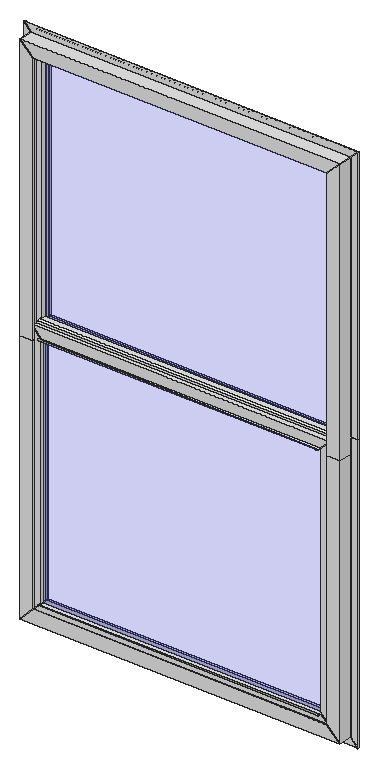
Revit family "591_SH_nailfin", category Windows, host Wall, Revit 2016
Family settings
  Host = Wall
  OmniClass Number = 23.30.20.00
  OmniClass Title = Windows
  Always vertical = Yes
  Cut with Voids When Loaded = No
  Shared = No
  Room Calculation Point = No
Parameters (values of type "48x78")
  MLW = 1 / 8 * Width  # 6"
  Interior Color [instance] = White
  Height = 78"
  Exterior Color [instance] = White
  Default Sill Height = 31.49606"
  Wall Closure = By host
  Width = 48"
Types (51): name | MLW | Interior Color | Height | Exterior Color | Width
  (no name) | 6" | White | 78" | White | 48"
  24x48 | 3" | none | 48" | none | 24"
  36x60 | 4 1/2" | none | 60" | none | 36"
  12x24Min | 1 1/2" | none | 24" | none | 12"
  48x84Max | 6" | none | 84" | none | 48"
  12x30 | 1 1/2" | none | 30" | none | 12"
  12x36 | 1 1/2" | none | 36" | none | 12"
  12x42 | 1 1/2" | none | 42" | none | 12"
  18x24 | 2 1/4" | none | 24" | none | 18"
  18x30 | 2 1/4" | none | 30" | none | 18"
  18x36 | 2 1/4" | none | 36" | none | 18"
  18x42 | 2 1/4" | none | 42" | none | 18"
  18x48 | 2 1/4" | none | 48" | none | 18"
  18x54 | 2 1/4" | none | 54" | none | 18"
  24x30 | 3" | none | 30" | none | 24"
  24x36 | 3" | none | 36" | none | 24"
  24x42 | 3" | none | 42" | none | 24"
  24x54 | 3" | none | 54" | none | 24"
  24x60 | 3" | none | 60" | none | 24"
  24x66 | 3" | none | 66" | none | 24"
  30x30 | 3 3/4" | none | 30" | none | 30"
  30x36 | 3 3/4" | none | 36" | none | 30"
  30x42 | 3 3/4" | none | 42" | none | 30"
  30x48 | 3 3/4" | none | 48" | none | 30"
  30x54 | 3 3/4" | none | 54" | none | 30"
  30x60 | 3 3/4" | none | 60" | none | 30"
  30x66 | 3 3/4" | none | 66" | none | 30"
  30x72 | 3 3/4" | none | 72" | none | 30"
  36x36 | 4 1/2" | none | 36" | none | 36"
  36x42 | 4 1/2" | none | 42" | none | 36"
  36x48 | 4 1/2" | none | 48" | none | 36"
  36x54 | 4 1/2" | none | 54" | none | 36"
  36x66 | 4 1/2" | none | 66" | none | 36"
  36x72 | 4 1/2" | none | 72" | none | 36"
  36x78 | 4 1/2" | none | 78" | none | 36"
  42x36 | 5 1/4" | none | 36" | none | 42"
  42x42 | 5 1/4" | none | 42" | none | 42"
  42x48 | 5 1/4" | none | 48" | none | 42"
  42x54 | 5 1/4" | none | 54" | none | 42"
  42x60 | 5 1/4" | none | 60" | none | 42"
  42x66 | 5 1/4" | none | 66" | none | 42"
  42x72 | 5 1/4" | none | 72" | none | 42"
  42x78 | 5 1/4" | none | 78" | none | 42"
  42x84 | 5 1/4" | none | 84" | none | 42"
  48x42 | 6" | none | 42" | none | 48"
  48x48 | 6" | none | 48" | none | 48"
  48x54 | 6" | none | 54" | none | 48"
  48x60 | 6" | none | 60" | none | 48"
  48x66 | 6" | none | 66" | none | 48"
  48x72 | 6" | none | 72" | none | 48"
  48x78 | 6" | White | 78" | White | 48"
Reference planes (in)
  plane 1 "Center (Front/Back)": y = 0
  plane 2 "Center (Left/Right)": x = 0
  plane 3 "Left": x = -24
  plane 4 "Right": x = 24
  plane 5 "Sill": z = 31.49606
  plane 6 "Head": z = 109.49606
  plane 7 "Exterior": y = 3.93701
  plane 8 "Interior": y = -3.93701
  plane 9 "Front of wall": y = 3.93701
  plane 10 "Bar Set": z = 70.49606
  plane 11: z = 34.01956
  plane 12: z = 70.54806
  plane 13: z = 71.04731
  plane 14: z = 108.09581
  plane 15: x = -21.475
  plane 16: x = 21.475
  plane 17: x = 22.59975
  plane 18: x = -22.59975
  plane 19 "Front of glass": y = 4.93351
Forms (in)
  Extrusion 1, solid, material "White" <- "Interior Color"
    sketch origin (0, 0, 0) x (0, -1, 0) y (0, 0, 1)
      loop
        arc (-1.70156, 34.45056) -> (-1.59274, 34.41661) -> (-1.63951, 34.52056) r 0.0625
        line (-1.63951, 34.52056) -> (-2.31951, 34.52056) -> (-2.31951, 34.01956) -> (-3.06351, 34.01956) -> (-3.06351, 34.48382) -> (-3.10301, 34.45856) -> (-3.46691, 34.45856) -> (-3.46691, 33.93302) -> (-3.47701, 33.89474) -> (-3.47701, 33.39606) -> (-4.12701, 33.39606) -> (-4.12701, 32.64606) -> (-4.62701, 32.64606) -> (-4.62701, 32.77106) -> (-5.37701, 32.77106) -> (-5.37701, 31.47606) -> (-5.25201, 31.47606) -> (-5.25201, 31.51606) -> (-5.06701, 31.51606) -> (-5.03872, 31.49606) -> (-4.00201, 31.49606) -> (-4.00201, 30.37106) -> (-3.93701, 30.37106) -> (-3.93701, 31.49606) -> (-1.87701, 31.49606) -> (-1.87701, 33.39606) -> (-2.07701, 33.39606) -> (-2.07701, 34.45056) -> (-1.70156, 34.45056)
    from -25.125 to 25.125
  Extrusion 2, solid, material "White" <- "Interior Color"
    sketch origin (0, 0, 0) x (0, -1, 0) y (0, 0, 1)
      loop
        line (-2.74608, 71.82819) -> (-3.19899, 71.91533) -> (-4.09422, 71.91533) -> (-4.10697, 71.5505) -> (-4.18951, 71.54831) -> (-4.18951, 71.04731) -> (-4.93351, 71.04731) -> (-4.93351, 71.51157) -> (-4.97301, 71.48631) -> (-5.33691, 71.48631) -> (-5.33691, 70.95404) -> (-5.34701, 70.92306) -> (-5.34701, 69.92306) -> (-4.72701, 69.92306) -> (-4.72701, 69.50806) -> (-4.62701, 69.50806) -> (-4.62701, 69.92306) -> (-4.12701, 69.92306) -> (-4.12701, 69.50806) -> (-4.02701, 69.50806) -> (-4.02701, 69.92306) -> (-3.57701, 69.92306) -> (-3.57701, 70.11006) -> (-3.10301, 70.11006) -> (-3.06351, 70.08481) -> (-3.06351, 70.54806) -> (-2.31951, 70.54806) -> (-2.31951, 70.04821) -> (-1.63948, 70.04821)
        arc (-1.63948, 70.04821) -> (-1.59245, 70.15224) -> (-1.70161, 70.11881) r 0.06264
        line (-1.70161, 70.11881) -> (-2.07701, 70.11881) -> (-2.07701, 71.54881) -> (-2.73304, 71.54881) -> (-2.74608, 71.82819)
    from -25.125 to 25.125
  Extrusion 3, solid, material "White" <- "Interior Color"
    sketch origin (0, 0, 0) x (0, -1, 0) y (0, 0, 1)
      loop
        line (-4.93351, 108.09581) -> (-4.18951, 108.09581) -> (-4.18951, 107.59581) -> (-3.57701, 107.59581) -> (-3.57701, 108.47106) -> (-2.04701, 108.47106) -> (-2.04701, 107.59606) -> (-1.87701, 107.59606) -> (-1.87701, 109.49606) -> (-3.93701, 109.49606) -> (-3.93701, 110.62106) -> (-4.00201, 110.62106) -> (-4.00201, 109.49606) -> (-5.03872, 109.49606) -> (-5.06701, 109.47606) -> (-5.25201, 109.47606) -> (-5.25201, 109.51606) -> (-5.37701, 109.51606) -> (-5.37701, 108.22106) -> (-5.33691, 108.22106) -> (-5.33691, 107.65781) -> (-4.97301, 107.65781) -> (-4.93351, 107.63256) -> (-4.93351, 108.09581)
    from -25.125 to 25.125
  Extrusion 4, solid, material "White" <- "Interior Color"
    sketch origin (0, 0, 31.49606) x (0, -1, 0) y (1, 0, 0)
      loop
        line (-1.87701, -22.1) -> (-2.07701, -22.1) -> (-2.07701, -20.975) -> (-2.31951, -20.975) -> (-2.31951, -21.475) -> (-3.06351, -21.475) -> (-3.06351, -21.01174) -> (-3.10301, -21.037) -> (-3.46691, -21.037) -> (-3.46691, -21.56233) -> (-3.47701, -21.6) -> (-3.47701, -22.1) -> (-4.12701, -22.1) -> (-4.12701, -22.85) -> (-4.62701, -22.85) -> (-4.62701, -22.725) -> (-5.37701, -22.725) -> (-5.37701, -24.02) -> (-5.25287, -24.02) -> (-5.25287, -23.98) -> (-5.06701, -23.98) -> (-5.03872, -24) -> (-4.00201, -24) -> (-4.00201, -25.125) -> (-3.93701, -25.125) -> (-3.93701, -24) -> (-1.87701, -24) -> (-1.87701, -22.1)
    from -1.125 to 40.41927
  Extrusion 5, solid, material "White" <- "Interior Color"
    sketch origin (0, 0, 31.49606) x (0, -1, 0) y (1, 0, 0)
      loop
        line (-3.10301, 21.037) -> (-3.06351, 21.01174) -> (-3.06351, 21.475) -> (-2.31951, 21.475) -> (-2.31951, 20.975) -> (-2.07701, 20.975) -> (-2.07701, 22.1) -> (-1.87701, 22.1) -> (-1.87701, 24) -> (-3.93701, 24) -> (-3.93701, 25.125) -> (-4.00201, 25.125) -> (-4.00201, 24) -> (-5.03872, 24) -> (-5.06701, 23.98) -> (-5.25201, 23.98) -> (-5.25201, 24.02) -> (-5.37701, 24.02) -> (-5.37701, 22.725) -> (-4.62701, 22.725) -> (-4.62701, 22.85) -> (-4.12701, 22.85) -> (-4.12701, 22.1) -> (-3.47701, 22.1) -> (-3.47701, 21.6) -> (-3.46691, 21.56233) -> (-3.46691, 21.037) -> (-3.10301, 21.037)
    from -1.125 to 40.41927
  Extrusion 6, solid, material "White" <- "Interior Color"
    sketch origin (0, 0, 70.49606) x (1, 0, 0) y (0, 1, 0)
      loop
        line (22.13649, 4.93351) -> (22.59975, 4.93351) -> (22.59975, 4.18951) -> (22.09975, 4.18951) -> (22.09975, 3.57701) -> (22.975, 3.57701) -> (22.975, 2.04701) -> (22.1, 2.04701) -> (22.1, 1.87701) -> (24, 1.87701) -> (24, 3.93701) -> (25.125, 3.93701) -> (25.125, 4.00201) -> (24, 4.00201) -> (24, 5.03872) -> (23.98, 5.06701) -> (23.98, 5.25201) -> (24.02, 5.25201) -> (24.02, 5.37701) -> (22.725, 5.37701) -> (22.725, 5.33691) -> (22.16175, 5.33691) -> (22.16175, 4.97301) -> (22.13649, 4.93351)
    from -0.988 to 40.125
  Sweep 7, void
    path in 3D
      loop
        line (21.72325, 7.92866, 109.49606) -> (21.72325, 3.93701, 109.49606)
    profile origin (21.72325, 5.93283, 109.49606) x (1, 0, 0) y (0, 0, 1)
      loop
        line (3.90911, 1.63236) -> (-0.84089, -3.11764) -> (3.90911, -3.11764) -> (3.90911, 1.63236)
  Sweep 8, void
    path in 3D
      loop
        line (21.72325, 7.92866, 109.49606) -> (21.72325, 3.93701, 109.49606)
    profile origin (21.72325, 5.93283, 109.49606) x (1, 0, 0) y (0, 0, 1)
      loop
        line (4.23234, 1.95558) -> (-1.01766, 1.95558) -> (-1.01766, -3.29442) -> (4.23234, 1.95558)
  Sweep 9, void
    path in 3D
      loop
        line (-20.67104, 7.27573, 109.49606) -> (-20.67104, 3.93701, 109.49606)
    profile origin (-20.67104, 5.60637, 109.49606) x (1, 0, 0) y (0, 0, 1)
      loop
        line (-5.25, 1.92104) -> (-5.25, -3.32896) -> (0, -3.32896) -> (-5.25, 1.92104)
  Sweep 10, void
    path in 3D
      loop
        line (-20.67104, 7.27573, 109.49606) -> (-20.67104, 3.93701, 109.49606)
    profile origin (-20.67104, 5.60637, 109.49606) x (1, 0, 0) y (0, 0, 1)
      loop
        line (-5.25, 1.92104) -> (0, -3.32896) -> (0, 1.92104) -> (-5.25, 1.92104)
  Sweep 11, void
    path in 3D
      loop
        line (-19.69408, 7.1493, 70.49606) -> (-19.69408, 3.93701, 70.49606)
    profile origin (-19.69408, 5.54315, 70.49606) x (1, 0, 0) y (0, 0, 1)
      loop
        line (-2.46767, 0.9905) -> (-2.46767, 1.41927) -> (-6.03092, 1.41927) -> (-6.03092, -1.20541) -> (-3.03092, -1.20541) -> (-3.03092, 0.42725) -> (-2.46767, 0.9905)
  Sweep 12, void
    path in 3D
      loop
        line (-19.69408, 7.1493, 70.49606) -> (-19.69408, 3.93701, 70.49606)
    profile origin (-19.69408, 5.54315, 70.49606) x (1, 0, 0) y (0, 0, 1)
      loop
        line (-1.90592, 1.55225) -> (-3.03092, 0.42725) -> (-3.03092, 1.41927) -> (-6.28092, 1.41927) -> (-6.28092, -2.07275) -> (-1.90592, -2.07275) -> (-1.90592, 1.55225)
  Sweep 13, void
    path in 3D
      loop
        line (22.22528, 7.9895, 70.49606) -> (22.22528, 3.93701, 70.49606)
    profile origin (22.22528, 5.96325, 70.49606) x (1, 0, 0) y (0, 0, 1)
      loop
        line (-0.06353, 1.66328) -> (-0.06353, 0.99243) -> (0.49972, 0.42918) -> (0.49972, -1.25473) -> (3.13381, -1.25473) -> (3.13381, 1.66328) -> (-0.06353, 1.66328)
  Sweep 14, void
    path in 3D
      loop
        line (22.22528, 7.9895, 70.49606) -> (22.22528, 3.93701, 70.49606)
    profile origin (22.22528, 5.96325, 70.49606) x (1, 0, 0) y (0, 0, 1)
      loop
        line (-0.66296, 0.99025) -> (-0.66296, -1.41064) -> (3.12332, -1.41064) -> (3.12332, 1.4207) -> (0.49972, 1.4207) -> (0.49972, 0.427) -> (-0.06353, 0.99025) -> (-0.66296, 0.99025)
  Sweep 15, void
    path in 3D
      loop
        line (21.97528, 7.9895, 31.49606) -> (21.97528, 3.93701, 31.49606)
    profile origin (21.97528, 5.96325, 31.49606) x (1, 0, 0) y (0, 0, 1)
      loop
        line (-1.08841, 3.11263) -> (3.66159, -1.63737) -> (3.66159, 3.11263) -> (-1.08841, 3.11263)
  Sweep 16, void
    path in 3D
      loop
        line (21.97528, 7.9895, 31.49606) -> (21.97528, 3.93701, 31.49606)
    profile origin (21.97528, 5.96325, 31.49606) x (1, 0, 0) y (0, 0, 1)
      loop
        line (3.6656, -1.64088) -> (-1.3344, 3.35912) -> (-1.3344, -1.64088) -> (3.6656, -1.64088)
  Sweep 17, void
    path in 3D
      loop
        line (-20.17104, 7.27573, 31.49606) -> (-20.17104, 3.93701, 31.49606)
    profile origin (-20.17104, 5.60637, 31.49606) x (1, 0, 0) y (0, 0, 1)
      loop
        line (-5.98731, -2.15835) -> (0.26269, -2.15835) -> (0.26269, 4.09165) -> (-5.98731, -2.15835)
  Sweep 18, void
    path in 3D
      loop
        line (-20.17104, 7.27573, 31.49606) -> (-20.17104, 3.93701, 31.49606)
    profile origin (-20.17104, 5.60637, 31.49606) x (1, 0, 0) y (0, 0, 1)
      loop
        line (-5.5, -1.67104) -> (0, 3.82896) -> (-5.5, 3.82896) -> (-5.5, -1.67104)
  Extrusion 19, void
    sketch origin (0, 3.93701, 0) x (1, 0, 0) y (0, 0, 1)
      loop
        line (-21.07462, 106.57069) -> (-25.49016, 110.98622) -> (-25.49016, 106.57069) -> (-21.07462, 106.57069)
    from 0 to 12
  Extrusion 20, void
    sketch origin (0, 3.93701, 0) x (1, 0, 0) y (0, 0, 1)
      loop
        line (-26, 111.49606) -> (-21.07122, 106.56728) -> (-21.07122, 111.49606) -> (-26, 111.49606)
    from 0 to 12
  Extrusion 21, void
    sketch origin (0, 3.93701, 0) x (1, 0, 0) y (0, 0, 1)
      loop
        line (21.8981, 107.39416) -> (26.25, 111.74606) -> (21.8981, 111.74606) -> (21.8981, 107.39416)
    from 0 to 12
  Extrusion 22, void
    sketch origin (0, 3.93701, 0) x (1, 0, 0) y (0, 0, 1)
      loop
        line (26.25984, 111.75591) -> (21.52513, 107.02119) -> (26.25984, 107.02119) -> (26.25984, 111.75591)
    from 0 to 12
  Extrusion 23, void
    sketch origin (0, 3.93701, 0) x (1, 0, 0) y (0, 0, 1)
      loop
        line (-20.975, 70.04806) -> (-20.23692, 70.04806) -> (-20.23692, 72.38306) -> (-24.24833, 72.38306) -> (-24.24833, 69.50806) -> (-22.09975, 69.50806) -> (-22.09975, 71.17281) -> (-20.975, 70.04806)
    from 0 to 12
  Extrusion 24, void
    sketch origin (0, 3.93701, 0) x (1, 0, 0) y (0, 0, 1)
      loop
        line (-20.975, 69.41533) -> (-20.975, 70.04806) -> (-22.1, 71.17306) -> (-22.1, 71.91533) -> (-25.725, 71.91533) -> (-25.725, 69.41533) -> (-20.975, 69.41533)
    from 0 to 12
  Extrusion 25, void
    sketch origin (0, 3.93701, 0) x (1, 0, 0) y (0, 0, 1)
      loop
        line (20.73831, 69.81137) -> (22.1, 71.17306) -> (22.1, 69.50806) -> (24.21329, 69.50806) -> (24.21329, 72.10655) -> (20.73831, 72.10655) -> (20.73831, 69.81137)
    from 0 to 12
  Extrusion 26, void
    sketch origin (0, 3.93701, 0) x (1, 0, 0) y (0, 0, 1)
      loop
        line (20.975, 70.04806) -> (20.975, 69.10217) -> (25.77957, 69.10217) -> (25.77957, 72.35217) -> (22.1, 72.35217) -> (22.1, 71.17306) -> (20.975, 70.04806)
    from 0 to 12
  Extrusion 27, void
    sketch origin (0, 3.93701, 0) x (1, 0, 0) y (0, 0, 1)
      loop
        line (-26, 29.49606) -> (-20.01805, 35.47801) -> (-26, 35.47801) -> (-26, 29.49606)
    from 0 to 12
  Extrusion 28, void
    sketch origin (0, 3.93701, 0) x (1, 0, 0) y (0, 0, 1)
      loop
        line (-26, 29.49606) -> (-20.17104, 29.49606) -> (-20.17104, 35.32503) -> (-26, 29.49606)
    from 0 to 12
  Extrusion 29, void
    sketch origin (0, 3.93701, 0) x (1, 0, 0) y (0, 0, 1)
      loop
        line (26.25, 29.24606) -> (26.25, 35.20837) -> (20.28769, 35.20837) -> (26.25, 29.24606)
    from 0 to 12
  Extrusion 30, void
    sketch origin (0, 3.93701, 0) x (1, 0, 0) y (0, 0, 1)
      loop
        line (26.7495, 28.74606) -> (20.46397, 35.0316) -> (20.46397, 28.74606) -> (26.7495, 28.74606)
    from 0 to 12
  Extrusion 31, solid, material "White" <- "Interior Color"
    sketch origin (0, 0, 70.49606) x (1, 0, 0) y (0, 1, 0)
      loop
        line (-24, 1.87701) -> (-22.1, 1.87701) -> (-22.1, 2.04701) -> (-22.975, 2.04701) -> (-22.975, 3.57701) -> (-22.09975, 3.57701) -> (-22.09975, 4.18951) -> (-22.59975, 4.18951) -> (-22.59975, 4.93351) -> (-22.13649, 4.93351) -> (-22.16175, 4.97301) -> (-22.16175, 5.33691) -> (-22.725, 5.33691) -> (-22.725, 5.37701) -> (-24.02, 5.37701) -> (-24.02, 5.25201) -> (-23.98, 5.25201) -> (-23.98, 5.06701) -> (-24, 5.03872) -> (-24, 4.00201) -> (-25.125, 4.00201) -> (-25.125, 3.93701) -> (-24, 3.93701) -> (-24, 1.87701)
    from -0.988 to 40.125
  Extrusion 32, solid, material "Glass"
    sketch origin (0, 0, 0) x (0, -1, 0) y (0, 0, 1)
      loop
        line (-3.06351, 34.01956) -> (-2.31951, 34.01956) -> (-2.31951, 70.54806) -> (-3.06351, 70.54806) -> (-3.06351, 34.01956)
    from -21.475 to 21.475
  Extrusion 33, solid, material "Glass"
    sketch origin (0, 0, 0) x (0, -1, 0) y (0, 0, 1)
      loop
        line (-4.93351, 71.04731) -> (-4.18951, 71.04731) -> (-4.18951, 108.09581) -> (-4.93351, 108.09581) -> (-4.93351, 71.04731)
    from -22.59975 to 22.59975
Cuts and joins
  Sweep 7, Sweep 9, Extrusion 19, Extrusion 22 cuts Extrusion 3
  Sweep 8, Sweep 14, Extrusion 21 cuts Extrusion 6
  Sweep 11, Sweep 13, Extrusion 24, Extrusion 26 cuts Extrusion 2
  Sweep 15, Sweep 18, Extrusion 27, Extrusion 29 cuts Extrusion 1
  Sweep 16, Extrusion 25, Extrusion 30 cuts Extrusion 5
  Sweep 17, Extrusion 23, Extrusion 28 cuts Extrusion 4
  Sweep 10, Sweep 12, Extrusion 20 cuts Extrusion 31
Lines and regions (in)
  Opening 1
    outline origin (137.79528, -3.93701, 0) x (1, 0, 0) y (0, 0, 1)
      loop
        line (-113.79528, 31.49606) -> (-113.79528, 109.49606) -> (-161.79528, 109.49606) -> (-161.79528, 31.49606) -> (-113.79528, 31.49606)
  reference lines
    curve 1: line (-20.67104, 7.27573, 109.49606) -> (-20.67104, 3.93701, 109.49606)
    curve 2: line (-20.17104, 7.27573, 31.49606) -> (-20.17104, 3.93701, 31.49606)
    curve 3: line (-19.69408, 7.1493, 70.49606) -> (-19.69408, 3.93701, 70.49606)
    curve 4: line (21.97528, 7.9895, 31.49606) -> (21.97528, 3.93701, 31.49606)
    curve 5: line (22.22528, 7.9895, 70.49606) -> (22.22528, 3.93701, 70.49606)
    curve 6: line (21.72325, 7.92866, 109.49606) -> (21.72325, 3.93701, 109.49606)
    curve 22: line (2.5, 4.93351, 92.49606) -> (-2.5, 4.93351, 92.49606)
    curve 23: line (2.5, 4.93351, 87.49606) -> (2.5, 4.93351, 92.49606)
    curve 24: line (-2.5, 4.93351, 87.49606) -> (2.5, 4.93351, 87.49606)
    curve 25: line (-2.5, 4.93351, 92.49606) -> (-2.5, 4.93351, 87.49606)
    curve 29: line (0, 4.93351, 87.49606) -> (0, 4.93351, 93.99606)
    curve 30: line (2.5, 4.93351, 89.99606) -> (2.04973, 4.93351, 89.99606)
    curve 34: line (2.5, 0, 92.49606) -> (-2.5, 0, 92.49606)
    curve 35: line (2.5, 0, 87.49606) -> (2.5, 0, 92.49606)
    curve 36: line (-2.5, 0, 87.49606) -> (2.5, 0, 87.49606)
    curve 37: line (-2.5, 0, 92.49606) -> (-2.5, 0, 87.49606)
    curve 38: line (0, 0, 87.49606) -> (0, 0, 94.99606)
    curve 39: line (2.5, 0, 89.99606) -> (-4.5, 0, 89.99606)
  sketch lines
    curve 7: line (21.72325, 7.92866, 109.49606) -> (21.72325, 3.93701, 109.49606)
    curve 8: line (21.72325, 7.92866, 109.49606) -> (21.72325, 3.93701, 109.49606)
    curve 9: line (-20.67104, 7.27573, 109.49606) -> (-20.67104, 3.93701, 109.49606)
    curve 10: line (-20.67104, 7.27573, 109.49606) -> (-20.67104, 3.93701, 109.49606)
    curve 11: line (-19.69408, 7.1493, 70.49606) -> (-19.69408, 3.93701, 70.49606)
    curve 12: line (-19.69408, 7.1493, 70.49606) -> (-19.69408, 3.93701, 70.49606)
    curve 13: line (22.22528, 7.9895, 70.49606) -> (22.22528, 3.93701, 70.49606)
    curve 14: line (22.22528, 7.9895, 70.49606) -> (22.22528, 3.93701, 70.49606)
    curve 15: line (21.97528, 7.9895, 31.49606) -> (21.97528, 3.93701, 31.49606)
    curve 16: line (21.97528, 7.9895, 31.49606) -> (21.97528, 3.93701, 31.49606)
    curve 17: line (-20.17104, 7.27573, 31.49606) -> (-20.17104, 3.93701, 31.49606)
    curve 18: line (-20.17104, 7.27573, 31.49606) -> (-20.17104, 3.93701, 31.49606)
  model lines
    curve 19: line (0, 3.93701, 34.7816) -> (0, 3.93701, 68.5316)
    curve 20: line (0, 3.93701, 68.5316) -> (4.24264, 3.93701, 64.28896)
    curve 21: line (0, 3.93701, 68.5316) -> (-4.24264, 3.93701, 64.28896)
    curve 26: line (2.5, 4.93351, 92.49606) -> (-2.5, 4.93351, 87.49606)
    curve 27: line (-2.5, 4.93351, 89.99606) -> (0, 4.93351, 92.49606)
    curve 28: line (0, 4.93351, 87.49606) -> (2.5, 4.93351, 89.99606)
  symbolic lines
    curve 31: line (0, 3.93701, 68.5316) -> (4.24264, 3.93701, 64.28896)
    curve 32: line (0, 3.93701, 68.5316) -> (-4.24264, 3.93701, 64.28896)
    curve 33: line (0, 3.93701, 68.5316) -> (0, 3.93701, 34.7816)
    curve 40: line (0, 0, 87.49606) -> (2.5, 0, 89.99606)
    curve 41: line (0, 0, 92.49606) -> (-2.5, 0, 89.99606)
    curve 42: line (-2.5, 0, 87.49606) -> (2.5, 0, 92.49606)
Text (in)
  text "EXTERIOR" at (-77.29147, 52.45485, 0), in view "Ref. Level"
  text "INTERIOR" at (-78.01048, -32.21994, 0), in view "Ref. Level"
  text "Exterior" at (0, 36.36817, 115.8778), in view "Right"
  text "Exterior" at (0, 40.96394, 105.72475), in view "Left"
Dimensions and locks (in)
  equal spacing: plane 3 "Left", plane 2 "Center (Left/Right)", plane 4 "Right"
  "Width": plane 3 "Left" to plane 4 "Right"
  "Height": plane 5 "Sill" to plane 6 "Head"
  "Default Sill Height": plane 5 "Sill" to level
  locked: plane 7 "Exterior" to host wall at 0
  locked: plane 8 "Interior" to host wall
  equal spacing: plane 5 "Sill", plane 10 "Bar Set", plane 6 "Head"
  locked: plane 9 "Front of wall" to Extrusion 1 sketch curve at 2.06
  locked: Extrusion 1 sketch curve to Extrusion 1 sketch curve at 1.9
  locked: Extrusion 1 sketch curve to plane 5 "Sill" at 1.125
  locked: plane 5 "Sill" to plane 11 at 2.5235
  locked: plane 12 to plane 10 "Bar Set" at 0.052
  locked: plane 13 to plane 10 "Bar Set" at 0.55125
  locked: plane 9 "Front of wall" to Extrusion 2 sketch curve at 1.86
  locked: Extrusion 2 sketch curve to Extrusion 2 sketch curve at 1.43
  locked: plane 14 to plane 6 "Head" at 1.40025
  locked: plane 9 "Front of wall" to Extrusion 3 sketch curve at 2.06
  locked: Extrusion 3 sketch curve to Extrusion 3 sketch curve at 1.9
  locked: plane 6 "Head" to Extrusion 3 sketch curve at 1.125
  locked: plane 3 "Left" to plane 15 at 2.525
  locked: plane 16 to plane 4 "Right" at 2.525
  locked: Extrusion 4 sketch curve to plane 3 "Left" at 1.125
  locked: Extrusion 4 sketch curve to plane 9 "Front of wall" at 2.06
  locked: Extrusion 4 sketch curve to Extrusion 4 sketch curve at 1.9
  locked: Extrusion 5 sketch curve to plane 9 "Front of wall" at 2.06
  locked: plane 4 "Right" to Extrusion 5 sketch curve at 1.125
  locked: Extrusion 5 sketch curve to Extrusion 5 sketch curve at 1.9
  locked: Extrusion 5 to plane 10 "Bar Set" at 1.41927
  locked: plane 17 to plane 4 "Right" at 1.40025
  locked: Extrusion 5 to plane 9 "Front of wall" at 2.06
  locked: Extrusion 6 sketch curve to Extrusion 6 sketch curve at 1.9
  locked: plane 4 "Right" to Extrusion 5 at 1.125
  locked: plane 3 "Left" to plane 18 at 1.40025
  locked: Extrusion 4 to plane 9 "Front of wall" at 2.06
  locked: Extrusion 4 to plane 3 "Left" at 1.125
  locked: plane 4 "Right" to Extrusion 6 sketch curve at 1.125
  locked: Extrusion 31 sketch curve to plane 3 "Left" at 1.125
  locked: plane 9 "Front of wall" to Extrusion 31 sketch curve at 2.06
  locked: Extrusion 31 sketch curve to Extrusion 31 sketch curve at 1.9
  locked: Extrusion 31 sketch curve to Extrusion 31 sketch curve at 1.125
  locked: plane 5 "Sill" to curve 19 at 3.28553
  locked: curve 21 to plane 10 "Bar Set" at 1.96447
  locked: plane 19 "Front of glass" to plane 9 "Front of wall" at 0.9965
  "MLW": curve 21 to curve 21
  "MLW": curve 20 to curve 21
  equal spacing: curve 27, curve 26, curve 28
  locked: curve 23 to curve 25 at 5
  locked: curve 24 to curve 22 at 5
  equal spacing: curve 25, curve 29, curve 23
  equal spacing: curve 24, curve 30, curve 22
  equal spacing: plane 10 "Bar Set", curve 30, plane 6 "Head"
  equal spacing: plane 3 "Left", curve 29, plane 4 "Right"
  locked: curve 35 to curve 37 at 5
  locked: curve 36 to curve 34 at 5
  equal spacing: curve 37, curve 38, curve 35
  equal spacing: curve 36, curve 39, curve 34
  locked: curve 37 to curve 41 at 2.5
  locked: curve 37 to curve 40 at 2.5
  locked: curve 40 to curve 36 at 2.5
  locked: curve 41 to curve 36 at 2.5
  locked: curve 35 to curve 42 at 5
  equal spacing: plane 6 "Head", curve 39, plane 10 "Bar Set"
  equal spacing: plane 3 "Left", curve 38, plane 4 "Right"
  locked: curve 19 to curve 21 (angle 45.00°)
  locked: curve 20 to curve 19 (angle 45.00°)
  aligned and locked: plane 9 "Front of wall" to host wall
  aligned and locked: plane 9 "Front of wall" to Extrusion 1 sketch curve
  aligned and locked: plane 5 "Sill" to Extrusion 1 sketch curve  (x2)
  aligned and locked: Extrusion 1 sketch curve to plane 11
  aligned and locked: Extrusion 2 sketch curve to plane 13
  aligned and locked: plane 12 to Extrusion 2 sketch curve
  aligned and locked: plane 14 to Extrusion 3 sketch curve
  aligned and locked: Extrusion 3 sketch curve to plane 6 "Head"  (x2)
  aligned and locked: plane 9 "Front of wall" to Extrusion 3 sketch curve
  aligned and locked: plane 9 "Front of wall" to Extrusion 4 sketch curve
  aligned and locked: plane 3 "Left" to Extrusion 4 sketch curve  (x2)
  aligned and locked: plane 9 "Front of wall" to Extrusion 5 sketch curve
  aligned and locked: Extrusion 5 sketch curve to plane 4 "Right"  (x2)
  aligned and locked: plane 16 to Extrusion 5 sketch curve
  aligned and locked: Extrusion 5 to Extrusion 1  (x2)
  aligned and locked: Extrusion 1 to Extrusion 4  (x2)
  aligned and locked: Extrusion 4 to Extrusion 3
  aligned and locked: Extrusion 3 to Extrusion 5
  aligned and locked: Extrusion 2 to Extrusion 4
  aligned and locked: Extrusion 2 to Extrusion 5
  aligned and locked: plane 9 "Front of wall" to Extrusion 6 sketch curve
  aligned and locked: Extrusion 6 sketch curve to plane 4 "Right"  (x2)
  aligned and locked: plane 17 to Extrusion 6 sketch curve
  aligned and locked: Extrusion 2 to Extrusion 6
  aligned and locked: Extrusion 3 to Extrusion 6
  aligned and locked: plane 9 "Front of wall" to curve 5
  aligned and locked: plane 9 "Front of wall" to curve 4
  aligned and locked: plane 9 "Front of wall" to curve 6
  aligned and locked: plane 9 "Front of wall" to curve 1
  aligned and locked: plane 9 "Front of wall" to curve 2
  aligned and locked: plane 9 "Front of wall" to curve 3
  aligned and locked: cut or joined group of Extrusion 6, Sweep 8, Sweep 14, Extrusion 21 to cut or joined group of Extrusion 2, Sweep 11, Sweep 13, Extrusion 24, Extrusion 26
  aligned and locked: cut or joined group of Extrusion 4, Sweep 17, Extrusion 23, Extrusion 28 to cut or joined group of Extrusion 2, Sweep 11, Sweep 13, Extrusion 24, Extrusion 26
  aligned and locked: Extrusion 31 sketch curve to plane 3 "Left"  (x2)
  aligned and locked: Extrusion 31 sketch curve to plane 9 "Front of wall"
  aligned and locked: plane 18 to Extrusion 31 sketch curve
  aligned and locked: Extrusion 31 to cut or joined group of Extrusion 3, Sweep 7, Sweep 9, Extrusion 19, Extrusion 22
  aligned and locked: cut or joined group of Extrusion 2, Sweep 11, Sweep 13, Extrusion 24, Extrusion 26 to Extrusion 31
  aligned and locked: plane 11 to Extrusion 32 sketch curve
  aligned and locked: Extrusion 32 sketch curve to plane 12
  aligned and locked: plane 13 to Extrusion 33 sketch curve
  aligned and locked: Extrusion 33 sketch curve to plane 14
  aligned and locked: plane 18 to Extrusion 33
  aligned and locked: Extrusion 33 to plane 17
  aligned and locked: plane 15 to Extrusion 32
  aligned and locked: Extrusion 32 to plane 16
  aligned and locked: curve 22 to curve 25
  aligned and locked: curve 25 to curve 25
  aligned and locked: curve 23 to curve 23
  aligned and locked: curve 25 to curve 26
  aligned and locked: curve 26 to curve 22
  aligned and locked: curve 22 to curve 27
  aligned and locked: curve 25 to curve 27
  aligned and locked: curve 24 to curve 28
  aligned and locked: curve 23 to curve 28
  aligned and locked: curve 34 to curve 37
  aligned and locked: curve 37 to curve 37
  aligned and locked: curve 35 to curve 35
  aligned and locked: curve 37 to curve 41
  aligned and locked: curve 36 to curve 40
  aligned and locked: curve 35 to curve 40
  aligned and locked: curve 34 to curve 41
  aligned and locked: curve 35 to curve 42
  aligned and locked: curve 42 to curve 36
Automatic sketch dimensions
  curve 3 to curve 3 = 3.21229"
  host wall to curve 5 = 4.05249"
  curve 1 to plane 15 = 0.80396"
  host wall to curve 1 = 3.33872"
  curve 6 to plane 16 = 0.24825"
  host wall to curve 6 = 3.99165"
  curve 3 to plane 15 = 1.78092"
  plane 17 to curve 5 = 0.37447"
  curve 2 to plane 15 = 1.30396"
  host wall to curve 2 = 3.33872"
  curve 4 to plane 16 = 0.50028"
  host wall to curve 4 = 4.05249"
  profile plane to Sweep 7 sketch curve = 0.84089"
  Sweep 7 sketch curve to profile plane = 3.11764"
  Sweep 7 sketch curve to profile plane = 3.90911"
  profile plane to Sweep 7 sketch curve = 1.63236"
  profile plane to Sweep 8 sketch curve = 1.01766"
  Sweep 8 sketch curve to profile plane = 3.29442"
  Sweep 8 sketch curve to profile plane = 4.23234"
  profile plane to Sweep 8 sketch curve = 1.95558"
  profile plane to Sweep 9 sketch curve = 0"
  Sweep 9 sketch curve to profile plane = 3.32896"
  profile plane to Sweep 9 sketch curve = 1.92104"
  profile plane to Sweep 9 sketch curve = 5 1/4"
  profile plane to Sweep 10 sketch curve = 0"
  Sweep 10 sketch curve to profile plane = 3.32896"
  profile plane to Sweep 10 sketch curve = 5 1/4"
  profile plane to Sweep 10 sketch curve = 1.92104"
  Sweep 12 sketch curve to profile plane = 2.07275"
  profile plane to Sweep 12 sketch curve = 6.28092"
  profile plane to Sweep 12 sketch curve = 0.42725"
  profile plane to Sweep 12 sketch curve = 3.03092"
  profile plane to Sweep 12 sketch curve = 1.90592"
  profile plane to Sweep 12 sketch curve = 1.55225"
  Sweep 12 sketch curve to Sweep 12 sketch curve = 0.99202"
  Sweep 11 sketch curve to profile plane = 1.20541"
  profile plane to Sweep 11 sketch curve = 6.03092"
  profile plane to Sweep 11 sketch curve = 0.42725"
  profile plane to Sweep 11 sketch curve = 3.03092"
  Sweep 11 sketch curve to Sweep 11 sketch curve = 0.56325"
  profile plane to Sweep 11 sketch curve = 1.41927"
  Sweep 11 sketch curve to Sweep 11 sketch curve = 0.42877"
  Sweep 13 sketch curve to profile plane = 0.49972"
  Sweep 13 sketch curve to profile plane = 1.25473"
  Sweep 13 sketch curve to Sweep 13 sketch curve = 2.6341"
  profile plane to Sweep 13 sketch curve = 0.42918"
  Sweep 13 sketch curve to Sweep 13 sketch curve = 0.56325"
  profile plane to Sweep 13 sketch curve = 0.06353"
  Sweep 13 sketch curve to Sweep 13 sketch curve = 0.67084"
  profile plane to Sweep 14 sketch curve = 0.06353"
  Sweep 14 sketch curve to profile plane = 0.49972"
  Sweep 14 sketch curve to profile plane = 1.41064"
  Sweep 14 sketch curve to profile plane = 3.12332"
  profile plane to Sweep 14 sketch curve = 0.427"
  Sweep 14 sketch curve to Sweep 14 sketch curve = 0.56325"
  Sweep 14 sketch curve to Sweep 14 sketch curve = 0.43045"
  profile plane to Sweep 14 sketch curve = 0.66296"
  Sweep 15 sketch curve to profile plane = 1.63737"
  Sweep 15 sketch curve to profile plane = 3.66159"
  profile plane to Sweep 15 sketch curve = 1.08841"
  profile plane to Sweep 15 sketch curve = 3.11263"
  profile plane to Sweep 16 sketch curve = 1.3344"
  profile plane to Sweep 16 sketch curve = 3.35912"
  Sweep 16 sketch curve to profile plane = 3.6656"
  Sweep 16 sketch curve to profile plane = 1.64088"
  Sweep 17 sketch curve to profile plane = 0.26269"
  profile plane to Sweep 17 sketch curve = 4.09165"
  Sweep 17 sketch curve to profile plane = 2.15835"
  profile plane to Sweep 17 sketch curve = 5.98731"
  profile plane to Sweep 18 sketch curve = 0"
  profile plane to Sweep 18 sketch curve = 3.82896"
  profile plane to Sweep 18 sketch curve = 5 1/2"
  Sweep 18 sketch curve to profile plane = 1.67104"
  Extrusion 32 sketch curve to host wall = 0.8735"
  Extrusion 32 sketch curve to Extrusion 32 sketch curve = 0.744"
  Extrusion 33 sketch curve to Extrusion 33 sketch curve = 0.744"
  plane 3 "Left" to Opening 1 sketch curve = 0"
  plane 4 "Right" to Opening 1 sketch curve = 0"
  Opening 1 sketch curve to plane 5 "Sill" = 0"
  Opening 1 sketch curve to plane 6 "Head" = 0"
  Extrusion 1 sketch curve to Extrusion 1 sketch curve = 0.065"
  host wall to Extrusion 1 sketch curve = 0.19"
  Extrusion 1 sketch curve to Extrusion 1 sketch curve = 1/2"
  Extrusion 1 sketch curve to Extrusion 1 sketch curve = 1.03672"
  Extrusion 1 sketch curve to Extrusion 1 sketch curve = 0.02828"
  plane 5 "Sill" to Extrusion 1 sketch curve = 0.02"
  Extrusion 1 sketch curve to Extrusion 1 sketch curve = 0.185"
  Extrusion 1 sketch curve to Extrusion 1 sketch curve = 1/8"  (x2)
  plane 11 to Extrusion 1 sketch curve = 0.12482"
  Extrusion 1 sketch curve to host wall = 0.46"
  Extrusion 1 sketch curve to host wall = 0.47009"
  Extrusion 1 sketch curve to Extrusion 1 sketch curve = 0.36391"
  Extrusion 1 sketch curve to Extrusion 1 sketch curve = 0.0395"
  Extrusion 1 sketch curve to Extrusion 1 sketch curve = 0.2"
  Extrusion 1 sketch curve to Extrusion 1 sketch curve = 0.37545"
  Extrusion 1 sketch curve to Extrusion 1 sketch curve = 0.06205"
  Extrusion 1 sketch curve to plane 5 "Sill" = 0.02"
  Extrusion 1 sketch curve to plane 5 "Sill" = 1.15"
  Extrusion 1 sketch curve to Extrusion 1 sketch curve = 0.49868"
  Extrusion 1 sketch curve to Extrusion 1 sketch curve = 0.03828"
  Extrusion 1 sketch curve to plane 11 = 0.431"
  Extrusion 1 sketch curve to Extrusion 1 sketch curve = 0.0075"
  Extrusion 1 sketch curve to plane 11 = 0.439"
  Extrusion 1 sketch curve to Extrusion 1 sketch curve = 0.02526"
  Extrusion 2 sketch curve to Extrusion 2 sketch curve = 0.65603"
  Extrusion 2 sketch curve to Extrusion 2 sketch curve = 0.01304"
  Extrusion 2 sketch curve to plane 10 "Bar Set" = 0.386"
  Extrusion 2 sketch curve to Extrusion 2 sketch curve = 0.0395"  (x2)
  Extrusion 2 sketch curve to Extrusion 2 sketch curve = 0.45291"
  Extrusion 2 sketch curve to host wall = 0.36"
  host wall to Extrusion 2 sketch curve = 0.09"
  host wall to Extrusion 2 sketch curve = 0.15722"
  host wall to Extrusion 2 sketch curve = 0.16996"
  Extrusion 2 sketch curve to Extrusion 2 sketch curve = 0.1"  (x2)
  Extrusion 2 sketch curve to Extrusion 2 sketch curve = 1/2"
  Extrusion 2 sketch curve to plane 13 = 0.46426"
  Extrusion 2 sketch curve to Extrusion 2 sketch curve = 0.36391"
  Extrusion 2 sketch curve to Extrusion 2 sketch curve = 0.62"
  Extrusion 2 sketch curve to Extrusion 2 sketch curve = 0.37539"
  Extrusion 2 sketch curve to Extrusion 2 sketch curve = 0.06214"
  Extrusion 2 sketch curve to Extrusion 2 sketch curve = 0.02526"  (x2)
  Extrusion 2 sketch curve to plane 10 "Bar Set" = 0.44785"
  Extrusion 2 sketch curve to plane 10 "Bar Set" = 0.573"
  Extrusion 2 sketch curve to Extrusion 2 sketch curve = 0"
  Extrusion 2 sketch curve to Extrusion 2 sketch curve = 0.187"
  Extrusion 2 sketch curve to Extrusion 2 sketch curve = 0.415"  (x2)
  Extrusion 2 sketch curve to Extrusion 2 sketch curve = 0.06264"
  plane 13 to Extrusion 2 sketch curve = 0.12425"
  Extrusion 2 sketch curve to Extrusion 2 sketch curve = 0.03097"
  Extrusion 2 sketch curve to plane 13 = 0.501"
  Extrusion 2 sketch curve to Extrusion 2 sketch curve = 0.00218"
  Extrusion 2 sketch curve to Extrusion 2 sketch curve = 0.27938"
  Extrusion 2 sketch curve to Extrusion 2 sketch curve = 0.36483"
  Extrusion 3 sketch curve to Extrusion 3 sketch curve = 0.065"
  host wall to Extrusion 3 sketch curve = 0.2525"
  Extrusion 3 sketch curve to Extrusion 3 sketch curve = 0.0395"
  Extrusion 3 sketch curve to Extrusion 3 sketch curve = 1.03672"
  Extrusion 3 sketch curve to Extrusion 3 sketch curve = 0.02828"
  plane 6 "Head" to Extrusion 3 sketch curve = 0.02"
  Extrusion 3 sketch curve to Extrusion 3 sketch curve = 0.185"
  Extrusion 3 sketch curve to Extrusion 3 sketch curve = 0.36391"
  Extrusion 3 sketch curve to plane 6 "Head" = 0.02"
  Extrusion 3 sketch curve to Extrusion 3 sketch curve = 1/8"
  Extrusion 3 sketch curve to host wall = 0.36"
  Extrusion 3 sketch curve to Extrusion 3 sketch curve = 0.17"
  plane 14 to Extrusion 3 sketch curve = 1/2"
  Extrusion 3 sketch curve to Extrusion 3 sketch curve = 0.02526"
  Extrusion 3 sketch curve to plane 14 = 0.12525"
  Extrusion 3 sketch curve to plane 14 = 0.37525"
  Extrusion 4 sketch curve to plane 15 = 0"
  host wall to Extrusion 4 sketch curve = 0.065"
  host wall to Extrusion 4 sketch curve = 0.19"
  Extrusion 4 sketch curve to Extrusion 4 sketch curve = 1/2"
  Extrusion 4 sketch curve to Extrusion 4 sketch curve = 1.03672"
  Extrusion 4 sketch curve to Extrusion 4 sketch curve = 0.02828"
  plane 3 "Left" to Extrusion 4 sketch curve = 0.02"
  Extrusion 4 sketch curve to Extrusion 4 sketch curve = 0.18586"
  plane 18 to Extrusion 4 sketch curve = 0.12525"
  Extrusion 4 sketch curve to Extrusion 4 sketch curve = 3/4"
  Extrusion 4 sketch curve to host wall = 0.46"
  Extrusion 4 sketch curve to host wall = 0.47009"
  Extrusion 4 sketch curve to Extrusion 4 sketch curve = 0.36391"
  Extrusion 4 sketch curve to Extrusion 4 sketch curve = 0.40341"
  Extrusion 4 sketch curve to Extrusion 4 sketch curve = 0.2"
  Extrusion 4 sketch curve to plane 3 "Left" = 0.02"
  plane 18 to Extrusion 4 sketch curve = 0.25025"
  Extrusion 4 sketch curve to plane 18 = 0.49975"
  plane 15 to Extrusion 4 sketch curve = 1/8"
  Extrusion 4 sketch curve to Extrusion 4 sketch curve = 0.03767"
  Extrusion 4 sketch curve to plane 15 = 0.438"
  Extrusion 4 sketch curve to Extrusion 4 sketch curve = 0.02526"
  host wall to Extrusion 5 sketch curve = 0.065"
  host wall to Extrusion 5 sketch curve = 0.19"
  Extrusion 5 sketch curve to Extrusion 5 sketch curve = 1/2"  (x2)
  Extrusion 5 sketch curve to Extrusion 5 sketch curve = 1.03672"
  plane 4 "Right" to Extrusion 5 sketch curve = 0.02"
  Extrusion 5 sketch curve to Extrusion 5 sketch curve = 0.02828"
  Extrusion 5 sketch curve to Extrusion 5 sketch curve = 0.185"
  Extrusion 5 sketch curve to plane 17 = 0.12525"
  Extrusion 5 sketch curve to Extrusion 5 sketch curve = 3/4"
  Extrusion 5 sketch curve to host wall = 0.46"
  Extrusion 5 sketch curve to host wall = 0.47009"
  Extrusion 5 sketch curve to Extrusion 5 sketch curve = 0.36391"
  Extrusion 5 sketch curve to Extrusion 5 sketch curve = 0.0395"
  Extrusion 5 sketch curve to Extrusion 5 sketch curve = 0.2"
  plane 16 to Extrusion 5 sketch curve = 0.438"
  Extrusion 5 sketch curve to Extrusion 5 sketch curve = 0.02526"
  Extrusion 5 sketch curve to plane 16 = 0.08733"
  Extrusion 5 sketch curve to Extrusion 5 sketch curve = 0.03767"
  plane 17 to Extrusion 5 sketch curve = 0.49975"
  Extrusion 5 sketch curve to plane 17 = 0.25025"
  Extrusion 5 sketch curve to plane 4 "Right" = 0.02"
  Extrusion 6 sketch curve to Extrusion 6 sketch curve = 1/2"
  Extrusion 6 sketch curve to Extrusion 6 sketch curve = 0.02526"
  Extrusion 6 sketch curve to plane 17 = 0.12525"
  Extrusion 6 sketch curve to plane 17 = 0.37525"
  plane 4 "Right" to Extrusion 6 sketch curve = 0.02"
  Extrusion 6 sketch curve to plane 4 "Right" = 0.02"
  Extrusion 6 sketch curve to host wall = 0.36"
  Extrusion 6 sketch curve to Extrusion 6 sketch curve = 1.53"
  Extrusion 6 sketch curve to Extrusion 6 sketch curve = 0.17"
  host wall to Extrusion 6 sketch curve = 0.065"
  host wall to Extrusion 6 sketch curve = 0.2525"
  Extrusion 6 sketch curve to Extrusion 6 sketch curve = 0.0395"
  Extrusion 6 sketch curve to Extrusion 6 sketch curve = 1.03672"
  Extrusion 6 sketch curve to Extrusion 6 sketch curve = 0.02828"
  Extrusion 6 sketch curve to Extrusion 6 sketch curve = 0.185"
  Extrusion 6 sketch curve to Extrusion 6 sketch curve = 0.36391"
  Extrusion 6 sketch curve to Extrusion 6 sketch curve = 1/8"
  plane 3 "Left" to Extrusion 19 sketch curve = 1.49016"
  Extrusion 19 sketch curve to plane 15 = 0.40038"
  plane 14 to Extrusion 19 sketch curve = 1.52513"
  Extrusion 19 sketch curve to plane 6 "Head" = 1.49016"
  plane 3 "Left" to Extrusion 20 sketch curve = 2"
  Extrusion 20 sketch curve to plane 15 = 0.40378"
  plane 14 to Extrusion 20 sketch curve = 1.52853"
  Extrusion 20 sketch curve to plane 6 "Head" = 2"
  Extrusion 21 sketch curve to plane 16 = 0.4231"
  Extrusion 21 sketch curve to plane 4 "Right" = 2 1/4"
  plane 14 to Extrusion 21 sketch curve = 0.70165"
  Extrusion 21 sketch curve to plane 6 "Head" = 2 1/4"
  Extrusion 22 sketch curve to plane 16 = 0.05013"
  Extrusion 22 sketch curve to plane 4 "Right" = 2.25984"
  plane 14 to Extrusion 22 sketch curve = 1.07462"
  Extrusion 22 sketch curve to plane 6 "Head" = 2.25984"
  plane 3 "Left" to Extrusion 23 sketch curve = 0.24833"
  Extrusion 23 sketch curve to plane 13 = 0.1255"
  Extrusion 23 sketch curve to plane 18 = 1/2"
  Extrusion 23 sketch curve to plane 15 = 1/2"
  Extrusion 23 sketch curve to plane 15 = 1.23808"
  Extrusion 23 sketch curve to plane 10 "Bar Set" = 0.448"
  Extrusion 23 sketch curve to plane 10 "Bar Set" = 0.988"
  Extrusion 23 sketch curve to plane 13 = 1.33575"
  plane 3 "Left" to Extrusion 24 sketch curve = 1.725"
  Extrusion 24 sketch curve to plane 18 = 0.49975"
  Extrusion 24 sketch curve to plane 15 = 1/2"
  Extrusion 24 sketch curve to plane 10 "Bar Set" = 1.08073"
  Extrusion 24 sketch curve to plane 10 "Bar Set" = 0.448"
  Extrusion 24 sketch curve to plane 13 = 0.12575"
  Extrusion 24 sketch curve to plane 13 = 0.86802"
  plane 16 to Extrusion 25 sketch curve = 0.73669"
  plane 17 to Extrusion 25 sketch curve = 0.49975"
  Extrusion 25 sketch curve to plane 4 "Right" = 0.21329"
  Extrusion 25 sketch curve to plane 10 "Bar Set" = 0.988"
  Extrusion 25 sketch curve to plane 10 "Bar Set" = 0.68469"
  Extrusion 25 sketch curve to plane 13 = 0.12575"
  Extrusion 25 sketch curve to plane 13 = 1.05923"
  plane 16 to Extrusion 26 sketch curve = 1/2"
  Extrusion 26 sketch curve to plane 13 = 0.12575"
  plane 17 to Extrusion 26 sketch curve = 0.49975"
  Extrusion 26 sketch curve to plane 4 "Right" = 1.77957"
  Extrusion 26 sketch curve to plane 10 "Bar Set" = 0.448"
  Extrusion 26 sketch curve to plane 10 "Bar Set" = 1.39389"
  Extrusion 26 sketch curve to Extrusion 26 sketch curve = 1.17911"
  plane 3 "Left" to Extrusion 27 sketch curve = 2"
  Extrusion 27 sketch curve to plane 15 = 1.45695"
  plane 5 "Sill" to Extrusion 27 sketch curve = 2"
  Extrusion 27 sketch curve to plane 11 = 1.45845"
  plane 3 "Left" to Extrusion 28 sketch curve = 2"
  Extrusion 28 sketch curve to plane 15 = 1.30396"
  plane 5 "Sill" to Extrusion 28 sketch curve = 2"
  Extrusion 28 sketch curve to plane 11 = 1.30546"
  plane 16 to Extrusion 29 sketch curve = 1.18731"
  Extrusion 29 sketch curve to plane 4 "Right" = 2 1/4"
  plane 5 "Sill" to Extrusion 29 sketch curve = 2 1/4"
  Extrusion 29 sketch curve to plane 11 = 1.18881"
  plane 16 to Extrusion 30 sketch curve = 1.01103"
  Extrusion 30 sketch curve to plane 4 "Right" = 2.7495"
  plane 5 "Sill" to Extrusion 30 sketch curve = 2 3/4"
  Extrusion 30 sketch curve to plane 11 = 1.01203"
  plane 3 "Left" to Extrusion 31 sketch curve = 0.02"
  Extrusion 31 sketch curve to plane 3 "Left" = 0.02"
  plane 18 to Extrusion 31 sketch curve = 0.37525"
  plane 18 to Extrusion 31 sketch curve = 0.12525"
  Extrusion 31 sketch curve to plane 18 = 0.438"
  Extrusion 31 sketch curve to Extrusion 31 sketch curve = 0.02526"
  Extrusion 31 sketch curve to Extrusion 31 sketch curve = 0.17"
  Extrusion 31 sketch curve to host wall = 0.36"
  host wall to Extrusion 31 sketch curve = 0.065"
  host wall to Extrusion 31 sketch curve = 0.2525"
  Extrusion 31 sketch curve to Extrusion 31 sketch curve = 0.0395"
  Extrusion 31 sketch curve to Extrusion 31 sketch curve = 1.03672"
  Extrusion 31 sketch curve to Extrusion 31 sketch curve = 0.02828"
  Extrusion 31 sketch curve to Extrusion 31 sketch curve = 0.185"
  Extrusion 31 sketch curve to Extrusion 31 sketch curve = 0.36391"
  Extrusion 31 sketch curve to Extrusion 31 sketch curve = 0.04009"
  curve 28 to curve 26 = 2 1/2"  (x2)
  curve 26 to curve 27 = 2 1/2"
  curve 28 to curve 26 = 0"
  curve 22 to curve 29 = 1 1/2"
  curve 30 to plane 2 "Center (Left/Right)" = 2.04973"
  curve 33 to plane 2 "Center (Left/Right)" = 0"
  curve 34 to curve 38 = 2 1/2"
  curve 39 to curve 34 = 2"
  curve 42 to curve 41 = 0"
  Extrusion 1 sketch curve to Extrusion 1 sketch curve = 0.2425"
  Extrusion 2 sketch curve to Extrusion 2 sketch curve = 0.474"
  Extrusion 2 sketch curve to Extrusion 2 sketch curve = 0.2425"
  Extrusion 2 sketch curve to plane 19 "Front of glass" = 0"
  Extrusion 2 sketch curve to Extrusion 2 sketch curve = 0.08254"
  host wall to Extrusion 33 sketch curve = 0.2525"
  Extrusion 3 sketch curve to plane 19 "Front of glass" = 0"
  plane 14 to Extrusion 3 sketch curve = 0.46326"
  Extrusion 4 sketch curve to Extrusion 4 sketch curve = 0.2425"
  Extrusion 4 sketch curve to plane 15 = 1/2"
  Extrusion 5 sketch curve to Extrusion 5 sketch curve = 0.2425"
  Extrusion 31 sketch curve to plane 18 = 1/2"
  Extrusion 31 sketch curve to plane 19 "Front of glass" = 0"
  Extrusion 6 sketch curve to plane 19 "Front of glass" = 0"
  Extrusion 6 sketch curve to Extrusion 6 sketch curve = 0.46326"
